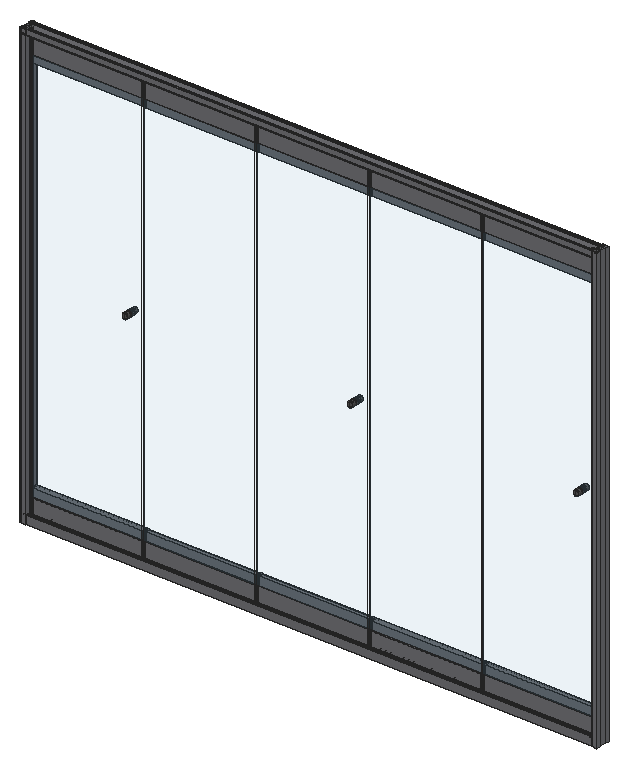
Revit family "QFL5 2380 LH", category Doors, host Wall, Revit 2024
Family settings
  Host = Wall
  OmniClass Number = 23.30.10.00
  OmniClass Title = Doors
  Always vertical = Yes
  Cut with Voids When Loaded = No
  Shared = No
  Room Calculation Point = No
Parameters
  Function = Interior
  Frame Projection Ext. = 25 mm
  Frame Projection Int. = 25 mm
  Frame Width = 75 mm
  Height = 2383 mm
  Wall Closure = By host
  Width = 3100 mm
  Define Thermal Properties by = Schematic Type
  Analytic Construction = "<None>"
Reference planes
  plane 1: y = 0
  plane 2 "Center (Left/Right)": x = 0
  plane 3 "Left": x = -1550
  plane 4 "Right": x = 1550
  plane 5: z = 2383
  plane 6 "Exterior": y = 75
  plane 7 "Interior": y = -75
Forms (mm)
  Extrusion 1, solid, material "ALUMINIUM CHAR (TEST)"
    sketch origin (-0.37, 0, 0) x (1, 0, 0) y (0, 1, 0)
      loop
        line (1550.37, 37.5) -> (1520.37, 37.5) -> (1520.37, 34.4) -> (1521.37, 34.4) -> (1521.37, 35.9) -> (1522.87, 35.9) -> (1522.87, 28.3) -> (1521.37, 28.3) -> (1521.37, 29.8) -> (1520.37, 29.8) -> (1520.37, 1.2) -> (1521.37, 1.2) -> (1521.37, 2.7) -> (1522.87, 2.7) -> (1522.87, -4.9) -> (1521.37, -4.9) -> (1521.37, -3.4) -> (1520.37, -3.4) -> (1520.37, -13.1) -> (1516.37, -13.1) -> (1516.37, -11)
        arc (1516.37, -11) -> (1516.224, -10.646) -> (1515.87, -10.5) r 0.5
        line (1515.87, -10.5) -> (1513.12, -10.5) -> (1513.12, -11.5) -> (1514.72, -11.5) -> (1514.72, -13.1) -> (1507.02, -13.1) -> (1507.02, -11.5) -> (1508.62, -11.5) -> (1508.62, -10.5) -> (1505.87, -10.5)
        arc (1505.87, -10.5) -> (1505.517, -10.646) -> (1505.37, -11) r 0.5
        line (1505.37, -11) -> (1505.37, -14.4)
        arc (1505.37, -14.4) -> (1505.517, -14.754) -> (1505.87, -14.9) r 0.5
        line (1505.87, -14.9) -> (1520.37, -14.9) -> (1520.37, -37.5) -> (1550.37, -37.5) -> (1550.37, -22) -> (1548.87, -22) -> (1548.87, -24.5) -> (1545.87, -24.5) -> (1545.87, 24.5) -> (1548.87, 24.5) -> (1548.87, 22) -> (1550.37, 22) -> (1550.37, 37.5)
      loop
        line (1548.37, 26.3) -> (1548.37, 35.5) -> (1524.67, 35.5) -> (1524.67, 27.7)
        arc (1524.67, 27.7) -> (1524.377, 26.993) -> (1523.67, 26.7) r 1
        line (1523.67, 26.7) -> (1522.37, 26.7) -> (1522.37, 4.3) -> (1523.67, 4.3)
        arc (1523.67, 4.3) -> (1524.377, 4.007) -> (1524.67, 3.3) r 1
        line (1524.67, 3.3) -> (1524.67, -5.5)
        arc (1524.67, -5.5) -> (1524.377, -6.207) -> (1523.67, -6.5) r 1
        line (1523.67, -6.5) -> (1522.17, -6.5) -> (1522.17, -35.5) -> (1548.37, -35.5) -> (1548.37, -26.3) -> (1545.47, -26.3)
        arc (1545.47, -26.3) -> (1544.48, -25.89) -> (1544.07, -24.9) r 1.4
        line (1544.07, -24.9) -> (1544.07, 24.9)
        arc (1544.07, 24.9) -> (1544.48, 25.89) -> (1545.47, 26.3) r 1.4
        line (1545.47, 26.3) -> (1548.37, 26.3)
      loop
        line (-1549.63, 37.5) -> (-1549.63, 22) -> (-1548.13, 22) -> (-1548.13, 24.5) -> (-1545.13, 24.5) -> (-1545.13, -24.5) -> (-1548.13, -24.5) -> (-1548.13, -22) -> (-1549.63, -22) -> (-1549.63, -37.5) -> (-1519.63, -37.5) -> (-1519.63, -14.9) -> (-1505.13, -14.9)
        arc (-1505.13, -14.9) -> (-1504.776, -14.754) -> (-1504.63, -14.4) r 0.5
        line (-1504.63, -14.4) -> (-1504.63, -11)
        arc (-1504.63, -11) -> (-1504.776, -10.646) -> (-1505.13, -10.5) r 0.5
        line (-1505.13, -10.5) -> (-1507.88, -10.5) -> (-1507.88, -11.5) -> (-1506.28, -11.5) -> (-1506.28, -13.1) -> (-1513.98, -13.1) -> (-1513.98, -11.5) -> (-1512.38, -11.5) -> (-1512.38, -10.5) -> (-1515.13, -10.5)
        arc (-1515.13, -10.5) -> (-1515.483, -10.646) -> (-1515.63, -11) r 0.5
        line (-1515.63, -11) -> (-1515.63, -13.1) -> (-1519.63, -13.1) -> (-1519.63, -3.4) -> (-1520.63, -3.4) -> (-1520.63, -4.9) -> (-1522.13, -4.9) -> (-1522.13, 2.7) -> (-1520.63, 2.7) -> (-1520.63, 1.2) -> (-1519.63, 1.2) -> (-1519.63, 29.8) -> (-1520.63, 29.8) -> (-1520.63, 28.3) -> (-1522.13, 28.3) -> (-1522.13, 35.9) -> (-1520.63, 35.9) -> (-1520.63, 34.4) -> (-1519.63, 34.4) -> (-1519.63, 37.5) -> (-1549.63, 37.5)
      loop
        line (-1547.63, 26.3) -> (-1544.73, 26.3)
        arc (-1544.73, 26.3) -> (-1543.74, 25.89) -> (-1543.33, 24.9) r 1.4
        line (-1543.33, 24.9) -> (-1543.33, -24.9)
        arc (-1543.33, -24.9) -> (-1543.74, -25.89) -> (-1544.73, -26.3) r 1.4
        line (-1544.73, -26.3) -> (-1547.63, -26.3) -> (-1547.63, -35.5) -> (-1521.43, -35.5) -> (-1521.43, -6.5) -> (-1522.93, -6.5)
        arc (-1522.93, -6.5) -> (-1523.637, -6.207) -> (-1523.93, -5.5) r 1
        line (-1523.93, -5.5) -> (-1523.93, 3.3)
        arc (-1523.93, 3.3) -> (-1523.637, 4.007) -> (-1522.93, 4.3) r 1
        line (-1522.93, 4.3) -> (-1521.63, 4.3) -> (-1521.63, 26.7) -> (-1522.93, 26.7)
        arc (-1522.93, 26.7) -> (-1523.637, 26.993) -> (-1523.93, 27.7) r 1
        line (-1523.93, 27.7) -> (-1523.93, 35.5) -> (-1547.63, 35.5) -> (-1547.63, 26.3)
    from 0 to 2383
  Extrusion 2, solid, material "ALUMINIUM CHAR (TEST)"
    sketch origin (-943.37, 0, 0) x (0, -1, 0) y (0, 0, 1)
      loop
        line (-36.55, 18) -> (-36.55, 20.5) -> (-37.5, 20.5) -> (-37.5, 0) -> (-35.5, 0) -> (-35.5, 2) -> (-13.5, 2) -> (-13.5, 0) -> (-11.5, 0) -> (-11.5, 2) -> (10.5, 2) -> (10.5, 0) -> (12.5, 0) -> (12.5, 2) -> (35.5, 2) -> (35.5, 0) -> (37.5, 0) -> (37.5, 44.5)
        arc (37.5, 44.5) -> (37.354, 44.854) -> (37, 45) r 0.5
        line (37, 45) -> (32.199, 45) -> (31.492, 44.5) -> (26.524, 44.5) -> (25.817, 45) -> (22.199, 45) -> (21.492, 44.5) -> (16.524, 44.5) -> (15.817, 44.999) -> (11.001, 44.999)
        arc (11.001, 44.999) -> (10.648, 44.853) -> (10.502, 44.501) r 0.499
        line (10.502, 44.501) -> (10.502, 41.75) -> (11.5, 41.75) -> (11.5, 43.35) -> (13.1, 43.35) -> (13.1, 35.65) -> (11.5, 35.65) -> (11.5, 37.25) -> (10.5, 37.25) -> (10.5, 11.9)
        arc (10.5, 11.9) -> (10.061, 10.839) -> (9, 10.4) r 1.5
        line (9, 10.4) -> (3, 10.4)
        arc (3, 10.4) -> (1.939, 10.839) -> (1.5, 11.9) r 1.5
        line (1.5, 11.9) -> (1.5, 20)
        arc (1.5, 20) -> (0.851, 21.475) -> (-0.674, 21.992) r 2
        line (-0.674, 21.992) -> (-9.95, 20.504) -> (-9.95, 18) -> (-36.55, 18)
      loop
        line (10.5, 4.2) -> (10.5, 8.4) -> (3, 8.4)
        arc (3, 8.4) -> (0.525, 9.425) -> (-0.5, 11.9) r 3.5
        line (-0.5, 11.9) -> (-0.5, 20.057) -> (-7.95, 18.629) -> (-7.95, 16) -> (-35.5, 16) -> (-35.5, 4.2) -> (10.5, 4.2)
      loop
        line (12.5, 4.2) -> (35.5, 4.2) -> (35.5, 43) -> (15.1, 43) -> (15.1, 34) -> (12.5, 34) -> (12.5, 4.2)
      loop
        arc (-37.5, 2354) -> (-37.207, 2353.293) -> (-36.5, 2353) r 1
        line (-36.5, 2353) -> (-34.25, 2353) -> (-34.25, 2354) -> (-35.85, 2354) -> (-35.85, 2355.6) -> (-28.15, 2355.6) -> (-28.15, 2354) -> (-29.75, 2354) -> (-29.75, 2353) -> (-25.9, 2353)
        arc (-25.9, 2353) -> (-24.486, 2353.586) -> (-23.9, 2355) r 2
        line (-23.9, 2355) -> (-23.9, 2376.2)
        arc (-23.9, 2376.2) -> (-23.754, 2376.554) -> (-23.4, 2376.7) r 0.5
        line (-23.4, 2376.7) -> (-6.85, 2376.7) -> (-6.85, 2355)
        arc (-6.85, 2355) -> (-6.264, 2353.586) -> (-4.85, 2353) r 2
        line (-4.85, 2353) -> (13.1, 2353) -> (13.1, 2349) -> (11, 2349)
        arc (11, 2349) -> (10.646, 2348.854) -> (10.5, 2348.5) r 0.5
        line (10.5, 2348.5) -> (10.5, 2345.75) -> (11.5, 2345.75) -> (11.5, 2347.35) -> (13.1, 2347.35) -> (13.1, 2339.65) -> (11.5, 2339.65) -> (11.5, 2341.25) -> (10.5, 2341.25) -> (10.5, 2338.5)
        arc (10.5, 2338.5) -> (10.646, 2338.146) -> (11, 2338) r 0.5
        line (11, 2338) -> (14.4, 2338)
        arc (14.4, 2338) -> (14.754, 2338.146) -> (14.9, 2338.5) r 0.5
        line (14.9, 2338.5) -> (14.9, 2353) -> (36.5, 2353)
        arc (36.5, 2353) -> (37.207, 2353.293) -> (37.5, 2354) r 1
        line (37.5, 2354) -> (37.5, 2383) -> (22, 2383) -> (22, 2381.5) -> (24.5, 2381.5) -> (24.5, 2378.5) -> (-24.5, 2378.5) -> (-24.5, 2381.5) -> (-22, 2381.5) -> (-22, 2383) -> (-25.4, 2383)
        arc (-25.4, 2383) -> (-26.107, 2382.707) -> (-26.4, 2382) r 1
        line (-26.4, 2382) -> (-26.4, 2370.5)
        arc (-26.4, 2370.5) -> (-26.546, 2370.146) -> (-26.9, 2370) r 0.5
        line (-26.9, 2370) -> (-35, 2370)
        arc (-35, 2370) -> (-35.354, 2370.146) -> (-35.5, 2370.5) r 0.5
        line (-35.5, 2370.5) -> (-35.5, 2380.5)
        arc (-35.5, 2380.5) -> (-35.354, 2380.854) -> (-35, 2381) r 0.5
        line (-35, 2381) -> (-33.5, 2381) -> (-33.5, 2383) -> (-36.5, 2383)
        arc (-36.5, 2383) -> (-37.207, 2382.707) -> (-37.5, 2382) r 1
        line (-37.5, 2382) -> (-37.5, 2354)
      loop
        line (35.5, 2355) -> (35.5, 2381) -> (26.3, 2381) -> (26.3, 2378.1)
        arc (26.3, 2378.1) -> (25.89, 2377.11) -> (24.9, 2376.7) r 1.4
        line (24.9, 2376.7) -> (-4.85, 2376.7) -> (-4.85, 2355.5)
        arc (-4.85, 2355.5) -> (-4.704, 2355.146) -> (-4.35, 2355) r 0.5
        line (-4.35, 2355) -> (35.5, 2355)
      loop
        line (-26.4, 2357.2) -> (-26.4, 2367.5)
        arc (-26.4, 2367.5) -> (-26.546, 2367.854) -> (-26.9, 2368) r 0.5
        line (-26.9, 2368) -> (-35, 2368)
        arc (-35, 2368) -> (-35.354, 2367.854) -> (-35.5, 2367.5) r 0.5
        line (-35.5, 2367.5) -> (-35.5, 2357.2) -> (-26.4, 2357.2)
    from -2463.37 to 606.63
  Extrusion 3, solid, material "ALUMINIUM CHAR (TEST)"
    sketch origin (-313.5, 0, 0) x (0, -1, 0) y (0, 0, 1)
      loop
        line (10.504, 2344) -> (8.704, 2344) -> (8.704, 2342) -> (5.604, 2342) -> (5.604, 2340.4) -> (8.754, 2340.4) -> (8.754, 2328.033) -> (8.2, 2326.985) -> (8.2, 2324) -> (-31.196, 2324) -> (-31.196, 2326.92) -> (-31.705, 2327.883) -> (-31.705, 2340.4) -> (-28.596, 2340.4) -> (-28.596, 2342) -> (-31.696, 2342) -> (-31.696, 2344) -> (-33.496, 2344) -> (-33.496, 2219) -> (-23.496, 2209) -> (2.504, 2209) -> (2.504, 2254) -> (10.504, 2254) -> (10.504, 2344)
      loop
        line (8.714, 2256) -> (8.714, 2322.2) -> (-31.705, 2322.2) -> (-31.705, 2220.038) -> (-22.467, 2210.8) -> (0.504, 2210.8) -> (0.504, 2256) -> (8.714, 2256)
      loop
        line (10.504, 31) -> (10.504, 121) -> (2.504, 121) -> (2.504, 166) -> (-23.496, 166) -> (-33.496, 156) -> (-33.496, 31) -> (-31.696, 31) -> (-31.696, 33) -> (-28.596, 33) -> (-28.596, 34.6) -> (-31.705, 34.6) -> (-31.705, 47.117) -> (-31.196, 48.08) -> (-31.196, 51) -> (8.2, 51) -> (8.2, 48.015) -> (8.754, 46.967) -> (8.754, 34.6) -> (5.604, 34.6) -> (5.604, 33) -> (8.704, 33) -> (8.704, 31) -> (10.504, 31)
      loop
        line (8.714, 119) -> (0.504, 119) -> (0.504, 164.2) -> (-22.467, 164.2) -> (-31.705, 154.962) -> (-31.705, 52.8) -> (8.714, 52.8) -> (8.714, 119)
    from -1 to 589
  Extrusion 4, solid, material "ALUMINIUM CHAR (TEST)"
    sketch origin (-312.5, 0, 0) x (0, -1, 0) y (0, 0, -1)
      loop
        line (-33.496, -156) -> (-23.496, -166) -> (2.504, -166) -> (2.504, -121) -> (10.504, -121) -> (10.504, -31) -> (5.604, -31) -> (5.604, -51) -> (-28.596, -51) -> (-28.596, -31) -> (-33.496, -31) -> (-33.496, -156)
      loop
        line (-33.496, -2344) -> (-28.596, -2344) -> (-28.596, -2324) -> (5.604, -2324) -> (5.604, -2344) -> (10.504, -2344) -> (10.504, -2254) -> (2.504, -2254) -> (2.504, -2209) -> (-23.496, -2209) -> (-33.496, -2219) -> (-33.496, -2344)
    from 0 to 5
  Extrusion 5, solid, material "ALUMINIUM CHAR (TEST)"
    sketch origin (-902.5, 0, 0) x (0, -1, 0) y (0, 0, 1)
      loop
        line (-33.496, 156) -> (-33.496, 31) -> (-28.596, 31) -> (-28.596, 51) -> (5.604, 51) -> (5.604, 31) -> (10.504, 31) -> (10.504, 121) -> (2.504, 121) -> (2.504, 166) -> (-23.496, 166) -> (-33.496, 156)
      loop
        line (-33.496, 2344) -> (-33.496, 2219) -> (-23.496, 2209) -> (2.504, 2209) -> (2.504, 2254) -> (10.504, 2254) -> (10.504, 2344) -> (5.604, 2344) -> (5.604, 2324) -> (-28.596, 2324) -> (-28.596, 2344) -> (-33.496, 2344)
    from 0 to 5
  Extrusion 6, solid, material "ALUMINIUM CHAR (TEST)"
    sketch origin (294, 0, 0) x (0, -1, 0) y (0, 0, 1)
      loop
        line (10.504, 2344) -> (8.704, 2344) -> (8.704, 2342) -> (5.604, 2342) -> (5.604, 2340.4) -> (8.754, 2340.4) -> (8.754, 2328.033) -> (8.2, 2326.985) -> (8.2, 2324) -> (-31.196, 2324) -> (-31.196, 2326.92) -> (-31.705, 2327.883) -> (-31.705, 2340.4) -> (-28.596, 2340.4) -> (-28.596, 2342) -> (-31.696, 2342) -> (-31.696, 2344) -> (-33.496, 2344) -> (-33.496, 2219) -> (-23.496, 2209) -> (2.504, 2209) -> (2.504, 2254) -> (10.504, 2254) -> (10.504, 2344)
      loop
        line (8.714, 2256) -> (8.714, 2322.2) -> (-31.705, 2322.2) -> (-31.705, 2220.038) -> (-22.467, 2210.8) -> (0.504, 2210.8) -> (0.504, 2256) -> (8.714, 2256)
      loop
        line (10.504, 31) -> (10.504, 121) -> (2.504, 121) -> (2.504, 166) -> (-23.496, 166) -> (-33.496, 156) -> (-33.496, 31) -> (-31.696, 31) -> (-31.696, 33) -> (-28.596, 33) -> (-28.596, 34.6) -> (-31.705, 34.6) -> (-31.705, 47.117) -> (-31.196, 48.08) -> (-31.196, 51) -> (8.2, 51) -> (8.2, 48.015) -> (8.754, 46.967) -> (8.754, 34.6) -> (5.604, 34.6) -> (5.604, 33) -> (8.704, 33) -> (8.704, 31) -> (10.504, 31)
      loop
        line (8.714, 119) -> (0.504, 119) -> (0.504, 164.2) -> (-22.467, 164.2) -> (-31.705, 154.962) -> (-31.705, 52.8) -> (8.714, 52.8) -> (8.714, 119)
    from -1 to 589
  Extrusion 7, solid, material "ALUMINIUM CHAR (TEST)"
    sketch origin (295, 0, 0) x (0, -1, 0) y (0, 0, -1)
      loop
        line (-33.496, -156) -> (-23.496, -166) -> (2.504, -166) -> (2.504, -121) -> (10.504, -121) -> (10.504, -31) -> (5.604, -31) -> (5.604, -51) -> (-28.596, -51) -> (-28.596, -31) -> (-33.496, -31) -> (-33.496, -156)
      loop
        line (-33.496, -2344) -> (-28.596, -2344) -> (-28.596, -2324) -> (5.604, -2324) -> (5.604, -2344) -> (10.504, -2344) -> (10.504, -2254) -> (2.504, -2254) -> (2.504, -2209) -> (-23.496, -2209) -> (-33.496, -2219) -> (-33.496, -2344)
    from 0 to 5
  Extrusion 8, solid, material "ALUMINIUM CHAR (TEST)"
    sketch origin (-295, 0, 0) x (0, -1, 0) y (0, 0, 1)
      loop
        line (-33.496, 156) -> (-33.496, 31) -> (-28.596, 31) -> (-28.596, 51) -> (5.604, 51) -> (5.604, 31) -> (10.504, 31) -> (10.504, 121) -> (2.504, 121) -> (2.504, 166) -> (-23.496, 166) -> (-33.496, 156)
      loop
        line (-33.496, 2344) -> (-33.496, 2219) -> (-23.496, 2209) -> (2.504, 2209) -> (2.504, 2254) -> (10.504, 2254) -> (10.504, 2344) -> (5.604, 2344) -> (5.604, 2324) -> (-28.596, 2324) -> (-28.596, 2344) -> (-33.496, 2344)
    from 0 to 5
  Extrusion 9, solid, material "ALUMINIUM CHAR (TEST)"
    sketch origin (901.5, 0, 0) x (0, -1, 0) y (0, 0, 1)
      loop
        line (10.504, 2344) -> (8.704, 2344) -> (8.704, 2342) -> (5.604, 2342) -> (5.604, 2340.4) -> (8.754, 2340.4) -> (8.754, 2328.033) -> (8.2, 2326.985) -> (8.2, 2324) -> (-31.196, 2324) -> (-31.196, 2326.92) -> (-31.705, 2327.883) -> (-31.705, 2340.4) -> (-28.596, 2340.4) -> (-28.596, 2342) -> (-31.696, 2342) -> (-31.696, 2344) -> (-33.496, 2344) -> (-33.496, 2219) -> (-23.496, 2209) -> (2.504, 2209) -> (2.504, 2254) -> (10.504, 2254) -> (10.504, 2344)
      loop
        line (8.714, 2256) -> (8.714, 2322.2) -> (-31.705, 2322.2) -> (-31.705, 2220.038) -> (-22.467, 2210.8) -> (0.504, 2210.8) -> (0.504, 2256) -> (8.714, 2256)
      loop
        line (10.504, 31) -> (10.504, 121) -> (2.504, 121) -> (2.504, 166) -> (-23.496, 166) -> (-33.496, 156) -> (-33.496, 31) -> (-31.696, 31) -> (-31.696, 33) -> (-28.596, 33) -> (-28.596, 34.6) -> (-31.705, 34.6) -> (-31.705, 47.117) -> (-31.196, 48.08) -> (-31.196, 51) -> (8.2, 51) -> (8.2, 48.015) -> (8.754, 46.967) -> (8.754, 34.6) -> (5.604, 34.6) -> (5.604, 33) -> (8.704, 33) -> (8.704, 31) -> (10.504, 31)
      loop
        line (8.714, 119) -> (0.504, 119) -> (0.504, 164.2) -> (-22.467, 164.2) -> (-31.705, 154.962) -> (-31.705, 52.8) -> (8.714, 52.8) -> (8.714, 119)
    from -1 to 589
  Extrusion 10, solid, material "ALUMINIUM CHAR (TEST)"
    sketch origin (902.5, 0, 0) x (0, -1, 0) y (0, 0, -1)
      loop
        line (-33.496, -156) -> (-23.496, -166) -> (2.504, -166) -> (2.504, -121) -> (10.504, -121) -> (10.504, -31) -> (5.604, -31) -> (5.604, -51) -> (-28.596, -51) -> (-28.596, -31) -> (-33.496, -31) -> (-33.496, -156)
      loop
        line (-33.496, -2344) -> (-28.596, -2344) -> (-28.596, -2324) -> (5.604, -2324) -> (5.604, -2344) -> (10.504, -2344) -> (10.504, -2254) -> (2.504, -2254) -> (2.504, -2209) -> (-23.496, -2209) -> (-33.496, -2219) -> (-33.496, -2344)
    from 0 to 5
  Extrusion 11, solid, material "ALUMINIUM CHAR (TEST)"
    sketch origin (312.5, 0, 0) x (0, -1, 0) y (0, 0, 1)
      loop
        line (-33.496, 156) -> (-33.496, 31) -> (-28.596, 31) -> (-28.596, 51) -> (5.604, 51) -> (5.604, 31) -> (10.504, 31) -> (10.504, 121) -> (2.504, 121) -> (2.504, 166) -> (-23.496, 166) -> (-33.496, 156)
      loop
        line (-33.496, 2344) -> (-33.496, 2219) -> (-23.496, 2209) -> (2.504, 2209) -> (2.504, 2254) -> (10.504, 2254) -> (10.504, 2344) -> (5.604, 2344) -> (5.604, 2324) -> (-28.596, 2324) -> (-28.596, 2344) -> (-33.496, 2344)
    from 0 to 5
  Extrusion 12, solid, material "ALUMINIUM CHAR (TEST)"
    sketch origin (1509, 0, 0) x (0, -1, 0) y (0, 0, 1)
      loop
        line (10.504, 2344) -> (8.704, 2344) -> (8.704, 2342) -> (5.604, 2342) -> (5.604, 2340.4) -> (8.754, 2340.4) -> (8.754, 2328.033) -> (8.2, 2326.985) -> (8.2, 2324) -> (-31.196, 2324) -> (-31.196, 2326.92) -> (-31.705, 2327.883) -> (-31.705, 2340.4) -> (-28.596, 2340.4) -> (-28.596, 2342) -> (-31.696, 2342) -> (-31.696, 2344) -> (-33.496, 2344) -> (-33.496, 2219) -> (-23.496, 2209) -> (2.504, 2209) -> (2.504, 2254) -> (10.504, 2254) -> (10.504, 2344)
      loop
        line (8.714, 2256) -> (8.714, 2322.2) -> (-31.705, 2322.2) -> (-31.705, 2220.038) -> (-22.467, 2210.8) -> (0.504, 2210.8) -> (0.504, 2256) -> (8.714, 2256)
      loop
        line (10.504, 31) -> (10.504, 121) -> (2.504, 121) -> (2.504, 166) -> (-23.496, 166) -> (-33.496, 156) -> (-33.496, 31) -> (-31.696, 31) -> (-31.696, 33) -> (-28.596, 33) -> (-28.596, 34.6) -> (-31.705, 34.6) -> (-31.705, 47.117) -> (-31.196, 48.08) -> (-31.196, 51) -> (8.2, 51) -> (8.2, 48.015) -> (8.754, 46.967) -> (8.754, 34.6) -> (5.604, 34.6) -> (5.604, 33) -> (8.704, 33) -> (8.704, 31) -> (10.504, 31)
      loop
        line (8.714, 119) -> (0.504, 119) -> (0.504, 164.2) -> (-22.467, 164.2) -> (-31.705, 154.962) -> (-31.705, 52.8) -> (8.714, 52.8) -> (8.714, 119)
    from -1 to 589
  Extrusion 13, solid, material "ALUMINIUM CHAR (TEST)"
    sketch origin (1510, 0, 0) x (0, -1, 0) y (0, 0, -1)
      loop
        line (-33.496, -156) -> (-23.496, -166) -> (2.504, -166) -> (2.504, -121) -> (10.504, -121) -> (10.504, -31) -> (5.604, -31) -> (5.604, -51) -> (-28.596, -51) -> (-28.596, -31) -> (-33.496, -31) -> (-33.496, -156)
      loop
        line (-33.496, -2344) -> (-28.596, -2344) -> (-28.596, -2324) -> (5.604, -2324) -> (5.604, -2344) -> (10.504, -2344) -> (10.504, -2254) -> (2.504, -2254) -> (2.504, -2209) -> (-23.496, -2209) -> (-33.496, -2219) -> (-33.496, -2344)
    from 0 to 5
  Extrusion 14, solid, material "ALUMINIUM CHAR (TEST)"
    sketch origin (920, 0, 0) x (0, -1, 0) y (0, 0, 1)
      loop
        line (-33.496, 156) -> (-33.496, 31) -> (-28.596, 31) -> (-28.596, 51) -> (5.604, 51) -> (5.604, 31) -> (10.504, 31) -> (10.504, 121) -> (2.504, 121) -> (2.504, 166) -> (-23.496, 166) -> (-33.496, 156)
      loop
        line (-33.496, 2344) -> (-33.496, 2219) -> (-23.496, 2209) -> (2.504, 2209) -> (2.504, 2254) -> (10.504, 2254) -> (10.504, 2344) -> (5.604, 2344) -> (5.604, 2324) -> (-28.596, 2324) -> (-28.596, 2344) -> (-33.496, 2344)
    from 0 to 5
  Extrusion 15, solid, material "ALUMINIUM CHAR (TEST)"
    sketch origin (-921, 0, 0) x (0, -1, 0) y (0, 0, 1)
      loop
        line (10.504, 2344) -> (8.704, 2344) -> (8.704, 2342) -> (5.604, 2342) -> (5.604, 2340.4) -> (8.754, 2340.4) -> (8.754, 2328.033) -> (8.2, 2326.985) -> (8.2, 2324) -> (-31.196, 2324) -> (-31.196, 2326.92) -> (-31.705, 2327.883) -> (-31.705, 2340.4) -> (-28.596, 2340.4) -> (-28.596, 2342) -> (-31.696, 2342) -> (-31.696, 2344) -> (-33.496, 2344) -> (-33.496, 2219) -> (-23.496, 2209) -> (2.504, 2209) -> (2.504, 2254) -> (10.504, 2254) -> (10.504, 2344)
      loop
        line (8.714, 2256) -> (8.714, 2322.2) -> (-31.705, 2322.2) -> (-31.705, 2220.038) -> (-22.467, 2210.8) -> (0.504, 2210.8) -> (0.504, 2256) -> (8.714, 2256)
      loop
        line (10.504, 31) -> (10.504, 121) -> (2.504, 121) -> (2.504, 166) -> (-23.496, 166) -> (-33.496, 156) -> (-33.496, 31) -> (-31.696, 31) -> (-31.696, 33) -> (-28.596, 33) -> (-28.596, 34.6) -> (-31.705, 34.6) -> (-31.705, 47.117) -> (-31.196, 48.08) -> (-31.196, 51) -> (8.2, 51) -> (8.2, 48.015) -> (8.754, 46.967) -> (8.754, 34.6) -> (5.604, 34.6) -> (5.604, 33) -> (8.704, 33) -> (8.704, 31) -> (10.504, 31)
      loop
        line (8.714, 119) -> (0.504, 119) -> (0.504, 164.2) -> (-22.467, 164.2) -> (-31.705, 154.962) -> (-31.705, 52.8) -> (8.714, 52.8) -> (8.714, 119)
    from -1 to 589
  Extrusion 16, solid, material "Glass"
    sketch origin (-1555, 0, 0) x (0, -1, 0) y (0, 0, 1)
      loop
        line (2.504, 121) -> (12.504, 121) -> (12.504, 2254) -> (2.504, 2254) -> (2.504, 121)
    from -640 to -40
  Extrusion 17, solid, material "ALUMINIUM CHAR (TEST)"
    sketch origin (-920, 0, 0) x (0, -1, 0) y (0, 0, -1)
      loop
        line (-33.496, -156) -> (-23.496, -166) -> (2.504, -166) -> (2.504, -121) -> (10.504, -121) -> (10.504, -31) -> (5.604, -31) -> (5.604, -51) -> (-28.596, -51) -> (-28.596, -31) -> (-33.496, -31) -> (-33.496, -156)
      loop
        line (-33.496, -2344) -> (-28.596, -2344) -> (-28.596, -2324) -> (5.604, -2324) -> (5.604, -2344) -> (10.504, -2344) -> (10.504, -2254) -> (2.504, -2254) -> (2.504, -2209) -> (-23.496, -2209) -> (-33.496, -2219) -> (-33.496, -2344)
    from 0 to 5
  Extrusion 18, solid, material "ALUMINIUM CHAR (TEST)"
    sketch origin (-1510, 0, 0) x (0, -1, 0) y (0, 0, 1)
      loop
        line (-33.496, 156) -> (-33.496, 31) -> (-28.596, 31) -> (-28.596, 51) -> (5.604, 51) -> (5.604, 31) -> (10.504, 31) -> (10.504, 121) -> (2.504, 121) -> (2.504, 166) -> (-23.496, 166) -> (-33.496, 156)
      loop
        line (-33.496, 2344) -> (-33.496, 2219) -> (-23.496, 2209) -> (2.504, 2209) -> (2.504, 2254) -> (10.504, 2254) -> (10.504, 2344) -> (5.604, 2344) -> (5.604, 2324) -> (-28.596, 2324) -> (-28.596, 2344) -> (-33.496, 2344)
    from 0 to 5
  Revolve 19, solid, material "Metal, Powder Coated, Black"
    sketch origin (1440, -153.753, 169.823) x (0, 1, 0) y (0, 0, -1)
      loop
        line (151.249, -1021.677) -> (151.249, -1036.677) -> (154.249, -1036.677) -> (159.249, -1031.677) -> (164.249, -1036.677) -> (180.249, -1036.677) -> (181.249, -1035.677) -> (181.249, -1021.677) -> (151.249, -1021.677)
      axis (181.249, -1021.677) -> (151.249, -1021.677)
    angle from 0 to 360
  Revolve 20, solid, material "Metal, Powder Coated, Black"
    sketch origin (225, -153.753, 169.823) x (0, 1, 0) y (0, 0, -1)
      loop
        line (151.249, -1021.677) -> (151.249, -1036.677) -> (154.249, -1036.677) -> (159.249, -1031.677) -> (164.249, -1036.677) -> (180.249, -1036.677) -> (181.249, -1035.677) -> (181.249, -1021.677) -> (151.249, -1021.677)
      axis (181.249, -1021.677) -> (151.249, -1021.677)
    angle from 0 to 360
  Revolve 21, solid, material "Metal, Powder Coated, Black"
    sketch origin (-985, -153.753, 169.823) x (0, 1, 0) y (0, 0, -1)
      loop
        line (151.249, -1021.677) -> (151.249, -1036.677) -> (154.249, -1036.677) -> (159.249, -1031.677) -> (164.249, -1036.677) -> (180.249, -1036.677) -> (181.249, -1035.677) -> (181.249, -1021.677) -> (151.249, -1021.677)
      axis (181.249, -1021.677) -> (151.249, -1021.677)
    angle from 0 to 360
  Revolve 22, solid, material "Metal, Powder Coated, Black"
    sketch origin (1440, 140.744, 161.823) x (0, -1, 0) y (0, 0, 1)
      loop
        line (151.249, 1029.677) -> (181.249, 1029.677) -> (181.249, 1043.677) -> (180.249, 1044.677) -> (164.249, 1044.677) -> (159.249, 1039.677) -> (154.249, 1044.677) -> (151.249, 1044.677) -> (151.249, 1029.677)
      axis (181.249, 1029.677) -> (151.249, 1029.677)
    angle from 0 to 360
  Revolve 23, solid, material "Metal, Powder Coated, Black"
    sketch origin (225, 140.744, 161.823) x (0, -1, 0) y (0, 0, 1)
      loop
        line (151.249, 1029.677) -> (181.249, 1029.677) -> (181.249, 1043.677) -> (180.249, 1044.677) -> (164.249, 1044.677) -> (159.249, 1039.677) -> (154.249, 1044.677) -> (151.249, 1044.677) -> (151.249, 1029.677)
      axis (181.249, 1029.677) -> (151.249, 1029.677)
    angle from 0 to 360
  Revolve 24, solid, material "Metal, Powder Coated, Black"
    sketch origin (-985, 140.744, 161.823) x (0, -1, 0) y (0, 0, 1)
      loop
        line (151.249, 1029.677) -> (181.249, 1029.677) -> (181.249, 1043.677) -> (180.249, 1044.677) -> (164.249, 1044.677) -> (159.249, 1039.677) -> (154.249, 1044.677) -> (151.249, 1044.677) -> (151.249, 1029.677)
      axis (181.249, 1029.677) -> (151.249, 1029.677)
    angle from 0 to 360
  Extrusion 25, solid, material "Glass"
    sketch origin (-947.5, 0, 0) x (0, -1, 0) y (0, 0, 1)
      loop
        line (2.504, 121) -> (12.504, 121) -> (12.504, 2254) -> (2.504, 2254) -> (2.504, 121)
    from -640 to -40
  Extrusion 26, solid, material "Glass"
    sketch origin (-340, 0, 0) x (0, -1, 0) y (0, 0, 1)
      loop
        line (2.504, 121) -> (12.504, 121) -> (12.504, 2254) -> (2.504, 2254) -> (2.504, 121)
    from -640 to -40
  Extrusion 27, solid, material "Glass"
    sketch origin (267.5, 0, 0) x (0, -1, 0) y (0, 0, 1)
      loop
        line (2.504, 121) -> (12.504, 121) -> (12.504, 2254) -> (2.504, 2254) -> (2.504, 121)
    from -640 to -40
  Extrusion 28, solid, material "Glass"
    sketch origin (875, 0, 0) x (0, -1, 0) y (0, 0, 1)
      loop
        line (2.504, 121) -> (12.504, 121) -> (12.504, 2254) -> (2.504, 2254) -> (2.504, 121)
    from -640 to -40
Lines and regions (mm)
  Opening 1
    outline origin (-3050, -75, 0) x (1, 0, 0) y (0, 0, 1)
      loop
        line (1500, 0) -> (4600, 0) -> (4600, 2383) -> (1500, 2383) -> (1500, 0)
  model lines
    curve 1: line (779.198, 75, 1192.5) -> (604.198, 75, 1192.5)
    curve 2: line (465.121, 75, 1192.5) -> (604.198, 75, 1248.691)
    curve 3: line (604.198, 75, 1248.691) -> (604.198, 75, 1136.309)
    curve 4: line (465.121, 75, 1192.5) -> (604.198, 75, 1136.309)
    curve 5: line (174.198, 75, 1192.5) -> (-0.802, 75, 1192.5)
    curve 6: line (-139.879, 75, 1192.5) -> (-0.802, 75, 1248.691)
    curve 7: line (-0.802, 75, 1248.691) -> (-0.802, 75, 1136.309)
    curve 8: line (-139.879, 75, 1192.5) -> (-0.802, 75, 1136.309)
    curve 9: line (-1025.802, 75, 1192.5) -> (-1200.802, 75, 1192.5)
    curve 10: line (-1339.879, 75, 1192.5) -> (-1200.802, 75, 1248.691)
    curve 11: line (-1200.802, 75, 1248.691) -> (-1200.802, 75, 1136.309)
    curve 12: line (-1339.879, 75, 1192.5) -> (-1200.802, 75, 1136.309)
    curve 13: line (-433.302, 75, 1192.5) -> (-608.302, 75, 1192.5)
    curve 14: line (-747.379, 75, 1192.5) -> (-608.302, 75, 1248.691)
    curve 15: line (-608.302, 75, 1248.691) -> (-608.302, 75, 1136.309)
    curve 16: line (-747.379, 75, 1192.5) -> (-608.302, 75, 1136.309)
    curve 17: line (1386.698, 75, 1192.5) -> (1211.698, 75, 1192.5)
    curve 18: line (1072.621, 75, 1192.5) -> (1211.698, 75, 1248.691)
    curve 19: line (1211.698, 75, 1248.691) -> (1211.698, 75, 1136.309)
    curve 20: line (1072.621, 75, 1192.5) -> (1211.698, 75, 1136.309)
Text (mm)
  text "Exterior" at (-2295.016, 1099.543, 0), in view "Ref. Level"
  text "Exterior" at (0, 1615.38, 3698.081), in view "Left"
  text "Exterior" at (0, 1036.032, 3874.932), in view "Right"
Dimensions and locks
  equal spacing: plane 3 "Left", plane 2 "Center (Left/Right)", plane 4 "Right"
  "Width": plane 3 "Left" to plane 4 "Right"
  "Height": plane 5 to host wall
  host wall to plane 5 = 2383 mm  (x2)
  locked: plane 6 "Exterior" to host wall
  locked: plane 7 "Interior" to host wall
  plane 3 "Left" to plane 4 "Right" = 3100 mm
  aligned and locked: plane 3 "Left" to Opening 1 sketch curve
  aligned and locked: plane 5 to Opening 1 sketch curve  (x2)
  aligned and locked: Opening 1 sketch curve to plane 4 "Right"
  aligned and locked: Opening 1 sketch curve to level
  aligned and locked: plane 1 to host wall
Automatic sketch dimensions
  curve 12 to plane 3 "Left" = 210.121 mm
  curve 10 to curve 11 = 139.078 mm
  curve 9 to curve 14 = 453.422 mm
  curve 14 to curve 14 = 139.078 mm
  curve 6 to plane 2 "Center (Left/Right)" = 139.879 mm
  curve 6 to plane 2 "Center (Left/Right)" = 0.802 mm
  plane 2 "Center (Left/Right)" to curve 2 = 465.121 mm
  curve 2 to curve 3 = 139.078 mm
  curve 1 to curve 18 = 468.422 mm
  curve 18 to curve 18 = 139.078 mm
  level to curve 20 = 1136.309 mm
  level to curve 16 = 1136.309 mm
  curve 12 to curve 15 = 0 mm
  curve 3 to curve 19 = 0 mm
  curve 8 to curve 3 = 0 mm
  curve 7 to curve 6 = 56.191 mm
  curve 19 to curve 18 = 56.191 mm
  curve 3 to curve 4 = 56.191 mm
  curve 11 to curve 10 = 56.191 mm
  curve 15 to curve 14 = 56.191 mm
  curve 15 to curve 15 = 112.382 mm
  curve 11 to curve 10 = 112.382 mm
  curve 7 to curve 7 = 112.382 mm
  curve 19 to curve 18 = 112.382 mm
  curve 3 to curve 3 = 112.382 mm
  curve 9 to curve 9 = 175 mm
  curve 13 to curve 13 = 175 mm
  plane 2 "Center (Left/Right)" to curve 5 = 174.198 mm
  curve 1 to curve 1 = 175 mm
  plane 4 "Right" to curve 17 = 163.302 mm
  curve 17 to curve 18 = 56.191 mm
  curve 5 to curve 6 = 56.191 mm
  curve 9 to curve 10 = 56.191 mm
  curve 1 to curve 2 = 56.191 mm
  curve 13 to curve 14 = 56.191 mm
  Extrusion 1 sketch curve to plane 3 "Left" = 0 mm  (x2)
  Extrusion 1 sketch curve to plane 4 "Right" = 0 mm  (x2)
  Extrusion 1 sketch curve to plane 3 "Left" = 1.5 mm
  Extrusion 1 sketch curve to Extrusion 1 sketch curve = 1.5 mm  (x14)
  Extrusion 1 sketch curve to Extrusion 1 sketch curve = 0.5 mm  (x9)
  Extrusion 1 sketch curve to plane 3 "Left" = 2 mm
  Extrusion 1 sketch curve to Extrusion 1 sketch curve = 3 mm
  Extrusion 1 sketch curve to Extrusion 1 sketch curve = 0.4 mm  (x7)
  Extrusion 1 sketch curve to Extrusion 1 sketch curve = 1.4 mm  (x3)
  Extrusion 1 sketch curve to Extrusion 1 sketch curve = 19.4 mm
  Extrusion 1 sketch curve to host wall = 3.3 mm
  Extrusion 1 sketch curve to Extrusion 1 sketch curve = 0 mm  (x3)
  Extrusion 1 sketch curve to Extrusion 1 sketch curve = 1 mm  (x13)
  Extrusion 1 sketch curve to Extrusion 1 sketch curve = 0.8 mm  (x3)
  Extrusion 1 sketch curve to Extrusion 1 sketch curve = 1.3 mm  (x4)
  Extrusion 1 sketch curve to Extrusion 1 sketch curve = 21.9 mm
  Extrusion 1 sketch curve to Extrusion 1 sketch curve = 1.8 mm  (x6)
  Extrusion 1 sketch curve to Extrusion 1 sketch curve = 4 mm  (x2)
  Extrusion 1 sketch curve to Extrusion 1 sketch curve = 1.15 mm  (x5)
  Extrusion 1 sketch curve to Extrusion 1 sketch curve = 1.6 mm  (x10)
  Extrusion 1 sketch curve to Extrusion 1 sketch curve = 4.5 mm  (x3)
  host wall to Extrusion 1 sketch curve = 14.4 mm
  plane 4 "Right" to Extrusion 1 sketch curve = 45 mm
  Extrusion 1 sketch curve to Extrusion 1 sketch curve = 1.65 mm
  plane 4 "Right" to Extrusion 1 sketch curve = 30 mm
  Extrusion 1 sketch curve to host wall = 1.2 mm  (x2)
  plane 4 "Right" to Extrusion 1 sketch curve = 6.3 mm
  plane 4 "Right" to Extrusion 1 sketch curve = 2 mm  (x2)
  plane 4 "Right" to Extrusion 1 sketch curve = 1.5 mm  (x2)
  host wall to Extrusion 1 sketch curve = 22 mm  (x2)
  Extrusion 1 sketch curve to Extrusion 1 sketch curve = 2.5 mm  (x4)
  Extrusion 1 sketch curve to Extrusion 1 sketch curve = 9.2 mm  (x2)
  Extrusion 1 sketch curve to Extrusion 1 sketch curve = 20.6 mm
  Extrusion 1 sketch curve to Extrusion 1 sketch curve = 2 mm  (x4)
  host wall to Extrusion 1 sketch curve = 14.9 mm
  host wall to Extrusion 1 sketch curve = 6.5 mm  (x2)
  Extrusion 1 sketch curve to Extrusion 1 sketch curve = 0.6 mm  (x4)
  Extrusion 1 sketch curve to host wall = 22 mm  (x2)
  Extrusion 1 sketch curve to Extrusion 1 sketch curve = 4.6 mm  (x2)
  Extrusion 1 sketch curve to Extrusion 1 sketch curve = 1.1 mm
  Extrusion 2 sketch curve to Extrusion 2 sketch curve = 0 mm  (x12)
  Extrusion 2 sketch curve to level = 0 mm  (x4)
  plane 5 to Extrusion 2 sketch curve = 0 mm  (x3)
  Extrusion 2 sketch curve to host wall = 37.5 mm  (x2)
  plane 5 to Extrusion 2 sketch curve = 29 mm
  Extrusion 2 sketch curve to Extrusion 2 sketch curve = 0.95 mm
  Extrusion 2 sketch curve to Extrusion 2 sketch curve = 1 mm  (x12)
  Extrusion 2 sketch curve to Extrusion 2 sketch curve = 0.65 mm
  Extrusion 2 sketch curve to Extrusion 2 sketch curve = 0.35 mm  (x2)
  Extrusion 2 sketch curve to Extrusion 2 sketch curve = 1.05 mm
  Extrusion 2 sketch curve to Extrusion 2 sketch curve = 2 mm  (x9)
  Extrusion 2 sketch curve to Extrusion 2 sketch curve = 0.5 mm  (x13)
  Extrusion 2 sketch curve to Extrusion 2 sketch curve = 1.6 mm  (x9)
  Extrusion 2 sketch curve to Extrusion 2 sketch curve = 1.5 mm  (x8)
  Extrusion 2 sketch curve to Extrusion 2 sketch curve = 4.5 mm  (x3)
  Extrusion 2 sketch curve to Extrusion 2 sketch curve = 8.1 mm  (x2)
  Extrusion 2 sketch curve to Extrusion 2 sketch curve = 0.9 mm
  Extrusion 2 sketch curve to Extrusion 2 sketch curve = 0.6 mm
  Extrusion 2 sketch curve to Extrusion 2 sketch curve = 2.5 mm  (x3)
  level to Extrusion 2 sketch curve = 2 mm  (x3)
  Extrusion 2 sketch curve to host wall = 13.5 mm
  Extrusion 2 sketch curve to host wall = 9.95 mm
  Extrusion 2 sketch curve to host wall = 6.85 mm
  Extrusion 2 sketch curve to host wall = 0.674 mm
  Extrusion 2 sketch curve to host wall = 0.5 mm
  host wall to Extrusion 2 sketch curve = 1.5 mm
  Extrusion 2 sketch curve to Extrusion 2 sketch curve = 6 mm
  host wall to Extrusion 2 sketch curve = 10.5 mm  (x2)
  Extrusion 2 sketch curve to Extrusion 2 sketch curve = 0.002 mm
  Extrusion 2 sketch curve to Extrusion 2 sketch curve = 0.499 mm
  Extrusion 2 sketch curve to Extrusion 2 sketch curve = 0.998 mm
  Extrusion 2 sketch curve to Extrusion 2 sketch curve = 1.3 mm
  Extrusion 2 sketch curve to Extrusion 2 sketch curve = 0.717 mm
  Extrusion 2 sketch curve to Extrusion 2 sketch curve = 0.707 mm  (x4)
  Extrusion 2 sketch curve to Extrusion 2 sketch curve = 4.968 mm  (x2)
  plane 5 to Extrusion 2 sketch curve = 1.5 mm
  host wall to Extrusion 2 sketch curve = 22 mm
  Extrusion 2 sketch curve to Extrusion 2 sketch curve = 0.4 mm  (x2)
  Extrusion 2 sketch curve to Extrusion 2 sketch curve = 3.617 mm
  Extrusion 2 sketch curve to Extrusion 2 sketch curve = 1.4 mm
  Extrusion 2 sketch curve to Extrusion 2 sketch curve = 23 mm
  Extrusion 2 sketch curve to Extrusion 2 sketch curve = 20.6 mm
  Extrusion 2 sketch curve to Extrusion 2 sketch curve = 3.301 mm
  Extrusion 2 sketch curve to Extrusion 2 sketch curve = 2.2 mm  (x2)
  level to Extrusion 2 sketch curve = 8.4 mm
  Extrusion 2 sketch curve to Extrusion 2 sketch curve = 4.1 mm
  Extrusion 2 sketch curve to Extrusion 2 sketch curve = 0.629 mm
  Extrusion 2 sketch curve to Extrusion 2 sketch curve = 0.057 mm
  Extrusion 2 sketch curve to Extrusion 2 sketch curve = 2.504 mm
  Extrusion 2 sketch curve to Extrusion 2 sketch curve = 14 mm
  Extrusion 2 sketch curve to Extrusion 2 sketch curve = 1.65 mm
  Extrusion 2 sketch curve to Extrusion 2 sketch curve = 9 mm
  Extrusion 2 sketch curve to Extrusion 2 sketch curve = 1.151 mm
  Extrusion 2 sketch curve to Extrusion 2 sketch curve = 43.5 mm
  Extrusion 2 sketch curve to Extrusion 2 sketch curve = 1.15 mm  (x2)
  Extrusion 2 sketch curve to Extrusion 2 sketch curve = 4 mm
  Extrusion 2 sketch curve to Extrusion 2 sketch curve = 10.3 mm
  Extrusion 2 sketch curve to Extrusion 2 sketch curve = 5.8 mm
  plane 5 to Extrusion 2 sketch curve = 2 mm
  Extrusion 3 sketch curve to host wall = 33.496 mm  (x2)
  Extrusion 3 sketch curve to Extrusion 3 sketch curve = 1.79 mm  (x4)
  Extrusion 3 sketch curve to Extrusion 3 sketch curve = 0 mm
  Extrusion 3 sketch curve to Extrusion 3 sketch curve = 0.01 mm
  Extrusion 3 sketch curve to Extrusion 3 sketch curve = 1.8 mm  (x6)
  Extrusion 3 sketch curve to Extrusion 3 sketch curve = 0.51 mm  (x2)
  Extrusion 3 sketch curve to Extrusion 3 sketch curve = 3.11 mm  (x2)
  Extrusion 3 sketch curve to Extrusion 3 sketch curve = 8.21 mm  (x2)
  Extrusion 3 sketch curve to Extrusion 3 sketch curve = 1.028 mm  (x2)
  host wall to Extrusion 3 sketch curve = 0.504 mm  (x2)
  host wall to Extrusion 3 sketch curve = 2.504 mm  (x2)
  host wall to Extrusion 3 sketch curve = 5.604 mm  (x2)
  host wall to Extrusion 3 sketch curve = 8.2 mm  (x2)
  Extrusion 3 sketch curve to Extrusion 3 sketch curve = 3.1 mm  (x2)
  Extrusion 3 sketch curve to Extrusion 3 sketch curve = 0.514 mm
  Extrusion 3 sketch curve to Extrusion 3 sketch curve = 6.21 mm
  Extrusion 3 sketch curve to Extrusion 3 sketch curve = 0.05 mm
  Extrusion 3 sketch curve to Extrusion 3 sketch curve = 0.554 mm
  level to Extrusion 3 sketch curve = 31 mm  (x2)
  Extrusion 3 sketch curve to Extrusion 3 sketch curve = 2 mm  (x6)
  Extrusion 3 sketch curve to Extrusion 3 sketch curve = 1.6 mm  (x4)
  Extrusion 3 sketch curve to Extrusion 3 sketch curve = 12.367 mm  (x2)
  Extrusion 3 sketch curve to Extrusion 3 sketch curve = 12.517 mm  (x2)
  Extrusion 3 sketch curve to Extrusion 3 sketch curve = 1.048 mm  (x2)
  Extrusion 3 sketch curve to Extrusion 3 sketch curve = 0.963 mm  (x2)
  Extrusion 3 sketch curve to Extrusion 3 sketch curve = 2.92 mm  (x2)
  Extrusion 3 sketch curve to Extrusion 3 sketch curve = 66.2 mm
  Extrusion 3 sketch curve to Extrusion 3 sketch curve = 33.962 mm
  Extrusion 3 sketch curve to Extrusion 3 sketch curve = 1.038 mm  (x2)
  Extrusion 3 sketch curve to Extrusion 3 sketch curve = 9.238 mm
  plane 5 to Extrusion 3 sketch curve = 174 mm
  Extrusion 3 sketch curve to Extrusion 3 sketch curve = 8.2 mm
  Extrusion 3 sketch curve to Extrusion 3 sketch curve = 43.2 mm
  plane 5 to Extrusion 3 sketch curve = 60.8 mm
  Extrusion 3 sketch curve to Extrusion 3 sketch curve = 2.985 mm
  Extrusion 4 sketch curve to host wall = 33.496 mm  (x2)
  Extrusion 4 sketch curve to Extrusion 4 sketch curve = 4.9 mm  (x3)
  Extrusion 4 sketch curve to Extrusion 4 sketch curve = 10 mm  (x4)
  host wall to Extrusion 4 sketch curve = 2.504 mm  (x2)
  host wall to Extrusion 4 sketch curve = 5.604 mm  (x2)
  Extrusion 4 sketch curve to Extrusion 4 sketch curve = 8 mm
  plane 5 to Extrusion 4 sketch curve = 39 mm
  Extrusion 4 sketch curve to Extrusion 4 sketch curve = 0 mm
  Extrusion 4 sketch curve to Extrusion 4 sketch curve = 20 mm  (x3)
  Extrusion 4 sketch curve to Extrusion 4 sketch curve = 70 mm
  Extrusion 4 sketch curve to Extrusion 4 sketch curve = 35 mm
  level to Extrusion 4 sketch curve = 166 mm
  Extrusion 4 sketch curve to Extrusion 4 sketch curve = 45 mm
  level to Extrusion 4 sketch curve = 51 mm
  Extrusion 5 sketch curve to host wall = 33.496 mm  (x2)
  Extrusion 5 sketch curve to Extrusion 5 sketch curve = 4.9 mm  (x3)
  Extrusion 5 sketch curve to Extrusion 5 sketch curve = 10 mm  (x4)
  host wall to Extrusion 5 sketch curve = 2.504 mm  (x2)
  host wall to Extrusion 5 sketch curve = 5.604 mm  (x2)
  Extrusion 5 sketch curve to Extrusion 5 sketch curve = 8 mm
  level to Extrusion 5 sketch curve = 31 mm  (x2)
  Extrusion 5 sketch curve to Extrusion 5 sketch curve = 20 mm  (x3)
  Extrusion 5 sketch curve to Extrusion 5 sketch curve = 70 mm
  Extrusion 5 sketch curve to Extrusion 5 sketch curve = 35 mm
  plane 5 to Extrusion 5 sketch curve = 174 mm
  Extrusion 5 sketch curve to Extrusion 5 sketch curve = 45 mm
  plane 5 to Extrusion 5 sketch curve = 59 mm
  Extrusion 6 sketch curve to host wall = 33.496 mm  (x2)
  Extrusion 6 sketch curve to Extrusion 6 sketch curve = 1.79 mm  (x4)
  Extrusion 6 sketch curve to Extrusion 6 sketch curve = 0 mm
  Extrusion 6 sketch curve to Extrusion 6 sketch curve = 0.01 mm
  Extrusion 6 sketch curve to Extrusion 6 sketch curve = 1.8 mm  (x6)
  Extrusion 6 sketch curve to Extrusion 6 sketch curve = 0.51 mm  (x2)
  Extrusion 6 sketch curve to Extrusion 6 sketch curve = 3.11 mm  (x2)
  Extrusion 6 sketch curve to Extrusion 6 sketch curve = 8.21 mm  (x2)
  Extrusion 6 sketch curve to Extrusion 6 sketch curve = 1.028 mm  (x2)
  host wall to Extrusion 6 sketch curve = 0.504 mm  (x2)
  host wall to Extrusion 6 sketch curve = 2.504 mm  (x2)
  host wall to Extrusion 6 sketch curve = 5.604 mm  (x2)
  host wall to Extrusion 6 sketch curve = 8.2 mm  (x2)
  Extrusion 6 sketch curve to Extrusion 6 sketch curve = 3.1 mm  (x2)
  Extrusion 6 sketch curve to Extrusion 6 sketch curve = 0.514 mm
  Extrusion 6 sketch curve to Extrusion 6 sketch curve = 6.21 mm
  Extrusion 6 sketch curve to Extrusion 6 sketch curve = 0.05 mm
  Extrusion 6 sketch curve to Extrusion 6 sketch curve = 0.554 mm
  level to Extrusion 6 sketch curve = 31 mm  (x2)
  Extrusion 6 sketch curve to Extrusion 6 sketch curve = 2 mm  (x6)
  Extrusion 6 sketch curve to Extrusion 6 sketch curve = 1.6 mm  (x4)
  Extrusion 6 sketch curve to Extrusion 6 sketch curve = 12.367 mm  (x2)
  Extrusion 6 sketch curve to Extrusion 6 sketch curve = 12.517 mm  (x2)
  Extrusion 6 sketch curve to Extrusion 6 sketch curve = 1.048 mm  (x2)
  Extrusion 6 sketch curve to Extrusion 6 sketch curve = 0.963 mm  (x2)
  Extrusion 6 sketch curve to Extrusion 6 sketch curve = 2.92 mm  (x2)
  Extrusion 6 sketch curve to Extrusion 6 sketch curve = 66.2 mm
  Extrusion 6 sketch curve to Extrusion 6 sketch curve = 33.962 mm
  Extrusion 6 sketch curve to Extrusion 6 sketch curve = 1.038 mm  (x2)
  Extrusion 6 sketch curve to Extrusion 6 sketch curve = 9.238 mm
  plane 5 to Extrusion 6 sketch curve = 174 mm
  Extrusion 6 sketch curve to Extrusion 6 sketch curve = 8.2 mm
  Extrusion 6 sketch curve to Extrusion 6 sketch curve = 43.2 mm
  plane 5 to Extrusion 6 sketch curve = 60.8 mm
  Extrusion 6 sketch curve to Extrusion 6 sketch curve = 2.985 mm
  Extrusion 7 sketch curve to host wall = 33.496 mm  (x2)
  Extrusion 7 sketch curve to Extrusion 7 sketch curve = 4.9 mm  (x3)
  Extrusion 7 sketch curve to Extrusion 7 sketch curve = 10 mm  (x4)
  host wall to Extrusion 7 sketch curve = 2.504 mm  (x2)
  host wall to Extrusion 7 sketch curve = 5.604 mm  (x2)
  Extrusion 7 sketch curve to Extrusion 7 sketch curve = 8 mm
  plane 5 to Extrusion 7 sketch curve = 39 mm
  Extrusion 7 sketch curve to Extrusion 7 sketch curve = 0 mm
  Extrusion 7 sketch curve to Extrusion 7 sketch curve = 20 mm  (x3)
  Extrusion 7 sketch curve to Extrusion 7 sketch curve = 70 mm
  Extrusion 7 sketch curve to Extrusion 7 sketch curve = 35 mm
  level to Extrusion 7 sketch curve = 166 mm
  Extrusion 7 sketch curve to Extrusion 7 sketch curve = 45 mm
  level to Extrusion 7 sketch curve = 51 mm
  Extrusion 8 sketch curve to host wall = 33.496 mm  (x2)
  Extrusion 8 sketch curve to Extrusion 8 sketch curve = 4.9 mm  (x3)
  Extrusion 8 sketch curve to Extrusion 8 sketch curve = 10 mm  (x4)
  host wall to Extrusion 8 sketch curve = 2.504 mm  (x2)
  host wall to Extrusion 8 sketch curve = 5.604 mm  (x2)
  Extrusion 8 sketch curve to Extrusion 8 sketch curve = 8 mm
  level to Extrusion 8 sketch curve = 31 mm  (x2)
  Extrusion 8 sketch curve to Extrusion 8 sketch curve = 20 mm  (x3)
  Extrusion 8 sketch curve to Extrusion 8 sketch curve = 70 mm
  Extrusion 8 sketch curve to Extrusion 8 sketch curve = 35 mm
  plane 5 to Extrusion 8 sketch curve = 174 mm
  Extrusion 8 sketch curve to Extrusion 8 sketch curve = 45 mm
  plane 5 to Extrusion 8 sketch curve = 59 mm
  Extrusion 9 sketch curve to host wall = 33.496 mm  (x2)
  Extrusion 9 sketch curve to Extrusion 9 sketch curve = 1.79 mm  (x4)
  Extrusion 9 sketch curve to Extrusion 9 sketch curve = 0 mm
  Extrusion 9 sketch curve to Extrusion 9 sketch curve = 0.01 mm
  Extrusion 9 sketch curve to Extrusion 9 sketch curve = 1.8 mm  (x6)
  Extrusion 9 sketch curve to Extrusion 9 sketch curve = 0.51 mm  (x2)
  Extrusion 9 sketch curve to Extrusion 9 sketch curve = 3.11 mm  (x2)
  Extrusion 9 sketch curve to Extrusion 9 sketch curve = 8.21 mm  (x2)
  Extrusion 9 sketch curve to Extrusion 9 sketch curve = 1.028 mm  (x2)
  host wall to Extrusion 9 sketch curve = 0.504 mm  (x2)
  host wall to Extrusion 9 sketch curve = 2.504 mm  (x2)
  host wall to Extrusion 9 sketch curve = 5.604 mm  (x2)
  host wall to Extrusion 9 sketch curve = 8.2 mm  (x2)
  Extrusion 9 sketch curve to Extrusion 9 sketch curve = 3.1 mm  (x2)
  Extrusion 9 sketch curve to Extrusion 9 sketch curve = 0.514 mm
  Extrusion 9 sketch curve to Extrusion 9 sketch curve = 6.21 mm
  Extrusion 9 sketch curve to Extrusion 9 sketch curve = 0.05 mm
  Extrusion 9 sketch curve to Extrusion 9 sketch curve = 0.554 mm
  level to Extrusion 9 sketch curve = 31 mm  (x2)
  Extrusion 9 sketch curve to Extrusion 9 sketch curve = 2 mm  (x6)
  Extrusion 9 sketch curve to Extrusion 9 sketch curve = 1.6 mm  (x4)
  Extrusion 9 sketch curve to Extrusion 9 sketch curve = 12.367 mm  (x2)
  Extrusion 9 sketch curve to Extrusion 9 sketch curve = 12.517 mm  (x2)
  Extrusion 9 sketch curve to Extrusion 9 sketch curve = 1.048 mm  (x2)
  Extrusion 9 sketch curve to Extrusion 9 sketch curve = 0.963 mm  (x2)
  Extrusion 9 sketch curve to Extrusion 9 sketch curve = 2.92 mm  (x2)
  Extrusion 9 sketch curve to Extrusion 9 sketch curve = 66.2 mm
  Extrusion 9 sketch curve to Extrusion 9 sketch curve = 33.962 mm
  Extrusion 9 sketch curve to Extrusion 9 sketch curve = 1.038 mm  (x2)
  Extrusion 9 sketch curve to Extrusion 9 sketch curve = 9.238 mm
  plane 5 to Extrusion 9 sketch curve = 174 mm
  Extrusion 9 sketch curve to Extrusion 9 sketch curve = 8.2 mm
  Extrusion 9 sketch curve to Extrusion 9 sketch curve = 43.2 mm
  plane 5 to Extrusion 9 sketch curve = 60.8 mm
  Extrusion 9 sketch curve to Extrusion 9 sketch curve = 2.985 mm
  Extrusion 10 sketch curve to host wall = 33.496 mm  (x2)
  Extrusion 10 sketch curve to Extrusion 10 sketch curve = 4.9 mm  (x3)
  Extrusion 10 sketch curve to Extrusion 10 sketch curve = 10 mm  (x4)
  host wall to Extrusion 10 sketch curve = 2.504 mm  (x2)
  host wall to Extrusion 10 sketch curve = 5.604 mm  (x2)
  Extrusion 10 sketch curve to Extrusion 10 sketch curve = 8 mm
  plane 5 to Extrusion 10 sketch curve = 39 mm
  Extrusion 10 sketch curve to Extrusion 10 sketch curve = 0 mm
  Extrusion 10 sketch curve to Extrusion 10 sketch curve = 20 mm  (x3)
  Extrusion 10 sketch curve to Extrusion 10 sketch curve = 70 mm
  Extrusion 10 sketch curve to Extrusion 10 sketch curve = 35 mm
  level to Extrusion 10 sketch curve = 166 mm
  Extrusion 10 sketch curve to Extrusion 10 sketch curve = 45 mm
  level to Extrusion 10 sketch curve = 51 mm
  Extrusion 11 sketch curve to host wall = 33.496 mm  (x2)
  Extrusion 11 sketch curve to Extrusion 11 sketch curve = 4.9 mm  (x3)
  Extrusion 11 sketch curve to Extrusion 11 sketch curve = 10 mm  (x4)
  host wall to Extrusion 11 sketch curve = 2.504 mm  (x2)
  host wall to Extrusion 11 sketch curve = 5.604 mm  (x2)
  Extrusion 11 sketch curve to Extrusion 11 sketch curve = 8 mm
  level to Extrusion 11 sketch curve = 31 mm  (x2)
  Extrusion 11 sketch curve to Extrusion 11 sketch curve = 20 mm  (x3)
  Extrusion 11 sketch curve to Extrusion 11 sketch curve = 70 mm
  Extrusion 11 sketch curve to Extrusion 11 sketch curve = 35 mm
  plane 5 to Extrusion 11 sketch curve = 174 mm
  Extrusion 11 sketch curve to Extrusion 11 sketch curve = 45 mm
  plane 5 to Extrusion 11 sketch curve = 59 mm
  Extrusion 12 sketch curve to host wall = 33.496 mm  (x2)
  Extrusion 12 sketch curve to Extrusion 12 sketch curve = 1.79 mm  (x4)
  Extrusion 12 sketch curve to Extrusion 12 sketch curve = 0 mm
  Extrusion 12 sketch curve to Extrusion 12 sketch curve = 0.01 mm
  Extrusion 12 sketch curve to Extrusion 12 sketch curve = 1.8 mm  (x6)
  Extrusion 12 sketch curve to Extrusion 12 sketch curve = 0.51 mm  (x2)
  Extrusion 12 sketch curve to Extrusion 12 sketch curve = 3.11 mm  (x2)
  Extrusion 12 sketch curve to Extrusion 12 sketch curve = 8.21 mm  (x2)
  Extrusion 12 sketch curve to Extrusion 12 sketch curve = 1.028 mm  (x2)
  host wall to Extrusion 12 sketch curve = 0.504 mm  (x2)
  host wall to Extrusion 12 sketch curve = 2.504 mm  (x2)
  host wall to Extrusion 12 sketch curve = 5.604 mm  (x2)
  host wall to Extrusion 12 sketch curve = 8.2 mm  (x2)
  Extrusion 12 sketch curve to Extrusion 12 sketch curve = 3.1 mm  (x2)
  Extrusion 12 sketch curve to Extrusion 12 sketch curve = 0.514 mm
  Extrusion 12 sketch curve to Extrusion 12 sketch curve = 6.21 mm
  Extrusion 12 sketch curve to Extrusion 12 sketch curve = 0.05 mm
  Extrusion 12 sketch curve to Extrusion 12 sketch curve = 0.554 mm
  level to Extrusion 12 sketch curve = 31 mm  (x2)
  Extrusion 12 sketch curve to Extrusion 12 sketch curve = 2 mm  (x6)
  Extrusion 12 sketch curve to Extrusion 12 sketch curve = 1.6 mm  (x4)
  Extrusion 12 sketch curve to Extrusion 12 sketch curve = 12.367 mm  (x2)
  Extrusion 12 sketch curve to Extrusion 12 sketch curve = 12.517 mm  (x2)
  Extrusion 12 sketch curve to Extrusion 12 sketch curve = 1.048 mm  (x2)
  Extrusion 12 sketch curve to Extrusion 12 sketch curve = 0.963 mm  (x2)
  Extrusion 12 sketch curve to Extrusion 12 sketch curve = 2.92 mm  (x2)
  Extrusion 12 sketch curve to Extrusion 12 sketch curve = 66.2 mm
  Extrusion 12 sketch curve to Extrusion 12 sketch curve = 33.962 mm
  Extrusion 12 sketch curve to Extrusion 12 sketch curve = 1.038 mm  (x2)
  Extrusion 12 sketch curve to Extrusion 12 sketch curve = 9.238 mm
  plane 5 to Extrusion 12 sketch curve = 174 mm
  Extrusion 12 sketch curve to Extrusion 12 sketch curve = 8.2 mm
  Extrusion 12 sketch curve to Extrusion 12 sketch curve = 43.2 mm
  plane 5 to Extrusion 12 sketch curve = 60.8 mm
  Extrusion 12 sketch curve to Extrusion 12 sketch curve = 2.985 mm
  Extrusion 13 sketch curve to host wall = 33.496 mm  (x2)
  Extrusion 13 sketch curve to Extrusion 13 sketch curve = 4.9 mm  (x3)
  Extrusion 13 sketch curve to Extrusion 13 sketch curve = 10 mm  (x4)
  host wall to Extrusion 13 sketch curve = 2.504 mm  (x2)
  host wall to Extrusion 13 sketch curve = 5.604 mm  (x2)
  Extrusion 13 sketch curve to Extrusion 13 sketch curve = 8 mm
  plane 5 to Extrusion 13 sketch curve = 39 mm
  Extrusion 13 sketch curve to Extrusion 13 sketch curve = 0 mm
  Extrusion 13 sketch curve to Extrusion 13 sketch curve = 20 mm  (x3)
  Extrusion 13 sketch curve to Extrusion 13 sketch curve = 70 mm
  Extrusion 13 sketch curve to Extrusion 13 sketch curve = 35 mm
  level to Extrusion 13 sketch curve = 166 mm
  Extrusion 13 sketch curve to Extrusion 13 sketch curve = 45 mm
  level to Extrusion 13 sketch curve = 51 mm
  Extrusion 14 sketch curve to host wall = 33.496 mm  (x2)
  Extrusion 14 sketch curve to Extrusion 14 sketch curve = 4.9 mm  (x3)
  Extrusion 14 sketch curve to Extrusion 14 sketch curve = 10 mm  (x4)
  host wall to Extrusion 14 sketch curve = 2.504 mm  (x2)
  host wall to Extrusion 14 sketch curve = 5.604 mm  (x2)
  Extrusion 14 sketch curve to Extrusion 14 sketch curve = 8 mm
  level to Extrusion 14 sketch curve = 31 mm  (x2)
  Extrusion 14 sketch curve to Extrusion 14 sketch curve = 20 mm  (x3)
  Extrusion 14 sketch curve to Extrusion 14 sketch curve = 70 mm
  Extrusion 14 sketch curve to Extrusion 14 sketch curve = 35 mm
  plane 5 to Extrusion 14 sketch curve = 174 mm
  Extrusion 14 sketch curve to Extrusion 14 sketch curve = 45 mm
  plane 5 to Extrusion 14 sketch curve = 59 mm
  Extrusion 15 sketch curve to host wall = 33.496 mm  (x2)
  Extrusion 15 sketch curve to Extrusion 15 sketch curve = 1.79 mm  (x4)
  Extrusion 15 sketch curve to Extrusion 15 sketch curve = 0 mm
  Extrusion 15 sketch curve to Extrusion 15 sketch curve = 0.01 mm
  Extrusion 15 sketch curve to Extrusion 15 sketch curve = 1.8 mm  (x6)
  Extrusion 15 sketch curve to Extrusion 15 sketch curve = 0.51 mm  (x2)
  Extrusion 15 sketch curve to Extrusion 15 sketch curve = 3.11 mm  (x2)
  Extrusion 15 sketch curve to Extrusion 15 sketch curve = 8.21 mm  (x2)
  Extrusion 15 sketch curve to Extrusion 15 sketch curve = 1.028 mm  (x2)
  host wall to Extrusion 15 sketch curve = 0.504 mm  (x2)
  host wall to Extrusion 15 sketch curve = 2.504 mm  (x2)
  host wall to Extrusion 15 sketch curve = 5.604 mm  (x2)
  host wall to Extrusion 15 sketch curve = 8.2 mm  (x2)
